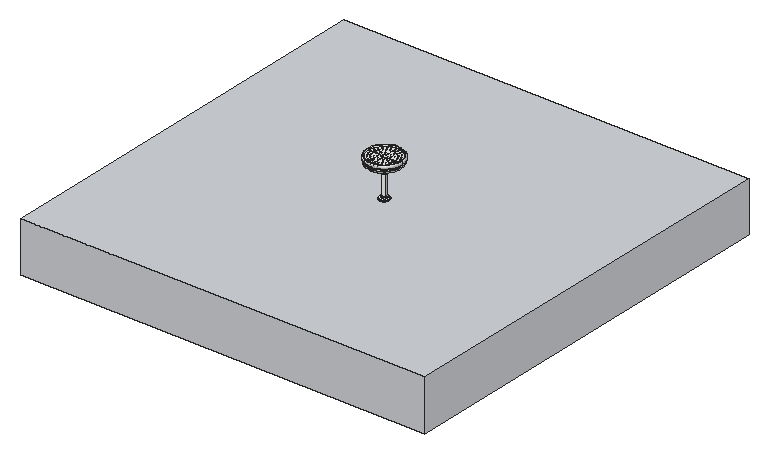
Revit family
Parameters (values of type "Metal-CP-Polished_Chrome")
  Width [instance] = 0' - 8 7/16"
  URL = "http://www.us.kohler.com"
  Showerhead Supply Pipe Radius = 0' 0 1/2"  # 1/2"
  Showerhead Supply Pipe Diameter = Showerhead Supply Pipe Radius * 2  # 1"
  Showerhead Supply = "Showerhead Supply"  # constant formula
  Product Page URL = "http://www.us.kohler.com/onlinecatalog/detail.jsp?prod_num=13692"
  Product Documentation Link = "http://www.us.kohler.com/onlinecatalog/pdf/1142015_4.pdf"
  Model = "K-13692"  # constant formula
  Manufacturer = "Kohler"  # constant formula
  Length [instance] = 0' - 9.21893"
  Height [instance] = 0' - 8 7/16"
  Finish = Metal-Kohler-CP-Polished Chrome
  Description = "8in Traditional round rainhead with Katalyst spray technology"  # constant formula
  Default Elevation = 0' - 0"
  Created By = "http://medialab3dstudio.com"
  Assembly Code = "C1030200"
Reference planes (in)
  plane 1 "Center (Front/Back)": y = 0
  plane 2 "Back": z = 0
  plane 3 "Center (Left/Right)": x = 0
  plane 4 "Left": x = -4.21875
  plane 5 "Right": x = 4.21875
  plane 6 "Top": y = 4.21875
  plane 7 "Bottom": y = -4.21875
  plane 8 "Front": z = 9.21893
Forms (in)
  Extrusion 1, solid
    sketch origin (0, 0, 0) x (1, 0, 0) y (0, 1, 0)
      loop
        line (-48, 48) -> (-48, -48) -> (48, -48) -> (48, 48) -> (-48, 48)
    from 0 to -12
  Extrusion 2, solid, material "Metal-Kohler-CP-Polished Chrome" <- "Finish", not visible
    sketch origin (0, 0, 0) x (1, 0, 0) y (0, 1, 0)
      loop
        circle (0, 0) r 0.5
    from 0 to 0.13239
Dimensions and locks (in)
  equal spacing: plane 4 "Left", plane 3 "Center (Left/Right)", plane 5 "Right", locked at 4.21875 each
  "Width": plane 4 "Left" to plane 5 "Right"
  equal spacing: plane 6 "Top", plane 1 "Center (Front/Back)", plane 7 "Bottom", locked at 4.21875 each
  "Height": plane 6 "Top" to plane 7 "Bottom"
  "Length": plane 8 "Front" to plane 2 "Back"
  "Showerhead Supply Pipe Radius": radius of Extrusion 2 sketch curve
  aligned and locked: plane 2 "Back" to Extrusion 1
  aligned and locked: level to Extrusion 1
Automatic sketch dimensions
  Extrusion 1 sketch curve to Extrusion 1 sketch curve = 8' - 0"  (x2)
  plane 1 "Center (Front/Back)" to Extrusion 2 sketch curve = 0' - 0"
  Extrusion 2 sketch curve to plane 3 "Center (Left/Right)" = 0' - 0"
Nested families (in)
  nested 1: "13692-Base" at (0, 0, 0), type "13692-Base"
Connectors (in)
  piping at (0, 0, 0), driven by "Showerhead Supply Pipe Radius", driven by "Showerhead Supply"
    settings: on Extrusion 2, index 1, connector radius 1/2", flow factor 0, pipe flow 2.5 GPM, pressure drop 0.00 psi, fitting loss kfactor 0, connector angle 0.00°, fixture units 0, flow configuration 0, flow direction 1, fitting loss method 0, system type 7, connector reference index -1, connector utility 0, adjustable connector yes, is connector primary yes, fitting loss table "", connector description "Showerhead Supply"
Definition of nested family "13692-Base"
  Parameters (values of type "13692-Base")
    Finish = Metal-Kohler-CP-Polished Chrome
    Assembly Code = ""
  Reference planes (in)
    plane 1 "Center (Front/Back)": y = 0
    plane 2 "Top": z = 0
    plane 3 "Center (Left/Right)": x = 0
    plane 4 "Back": y = 4.21875
    plane 5 "Bottom": z = 9.21893
    plane 6 "Front": y = -4.21875
    plane 7 "Left": x = -4.21875
    plane 8 "Right": x = 4.21875
  Forms (in)
    Revolve 1, solid, material "Metal-Kohler-CP-Polished Chrome" <- "Finish", detail levels fine
      sketch origin (0, 0, 0) x (1, 0, 0) y (0, 0, 1)
        loop
          line (0, 0) -> (0, 8.98595) -> (-3.85058, 8.98595) -> (-3.88473, 9.17853)
          arc (-3.88473, 9.17853) -> (-3.912, 9.20803) -> (-3.95066, 9.21893) r 0.074
          line (-3.95066, 9.21893) -> (-4.02892, 9.21893)
          arc (-4.02892, 9.21893) -> (-4.21528, 8.98286) -> (-4.10859, 8.70165) r 0.30508
          line (-4.10859, 8.70165) -> (-4.11067, 8.38226) -> (-4.13129, 8.35798) -> (-4.12321, 8.17266) -> (-4.08485, 8.15638) -> (-4.05154, 8.15638) -> (-4.0425, 8.02528)
          arc (-4.0425, 8.02528) -> (-3.97739, 7.83063) -> (-3.83066, 7.68711) r 0.43745
          line (-3.83066, 7.68711) -> (-1.16718, 6.99244) -> (-0.911, 6.84126) -> (-0.85695, 6.84126) -> (-0.85695, 6.71126) -> (-0.4342, 6.71126)
          arc (-0.4342, 6.71126) -> (-0.3884, 6.64798) -> (-0.33168, 6.59427) r 0.42051
          arc (-0.33168, 6.59427) -> (-0.31105, 6.53447) -> (-0.34737, 6.48267) r 0.06959
          arc (-0.34737, 6.48267) -> (-0.40752, 6.44788) -> (-0.45457, 6.39676) r 0.23054
          line (-0.45457, 6.39676) -> (-0.45457, 6.27111) -> (-0.47404, 5.66968) -> (-0.49391, 5.64514) -> (-0.49452, 5.5478) -> (-0.48212, 5.51857) -> (-0.40625, 5.51857) -> (-0.40625, 0.68857) -> (-0.55463, 0.68857)
          arc (-0.55463, 0.68857) -> (-0.59423, 0.66979) -> (-0.61033, 0.62902) r 0.05969
          line (-0.61033, 0.62902) -> (-0.61033, 0.37506)
          arc (-0.61033, 0.37506) -> (-0.62521, 0.3209) -> (-0.67086, 0.28818) r 0.08414
          line (-0.67086, 0.28818) -> (-1.09221, 0.16628)
          arc (-1.09221, 0.16628) -> (-1.11018, 0.15258) -> (-1.11901, 0.13178) r 0.04413
          line (-1.11901, 0.13178) -> (-1.11901, 0.03783)
          arc (-1.11901, 0.03783) -> (-1.10635, 0.01266) -> (-1.08117, 0) r 0.04486
          line (-1.08117, 0) -> (0, 0)
        axis (0, 9.21893) -> (0, 0)
      angle from 0 to 360
    Extrusion 2, void
      sketch origin (0, 0, 0) x (1, 0, 0) y (0, 1, 0)
        loop
          circle (0, 3.24803) r 0.07254
        loop
          circle (0, 2.59974) r 0.07254
        loop
          circle (0, 1.94831) r 0.07254
        loop
          circle (0, 1.29872) r 0.07254
        loop
          circle (0, 0.64765) r 0.07254
        loop
          circle (0, -3.24803) r 0.07254
        loop
          circle (0, -2.59974) r 0.07254
        loop
          circle (0, -1.94831) r 0.07254
        loop
          circle (0, -1.29872) r 0.07254
        loop
          circle (0, -0.64765) r 0.07254
        loop
          circle (3.24803, 0) r 0.07254
        loop
          circle (2.59974, 0) r 0.07254
        loop
          circle (1.94831, 0) r 0.07254
        loop
          circle (1.29872, 0) r 0.07254
        loop
          circle (-3.24803, 0) r 0.07254
        loop
          circle (-2.59974, 0) r 0.07254
        loop
          circle (-1.94831, 0) r 0.07254
        loop
          circle (-1.29872, 0) r 0.07254
        loop
          circle (2.29671, -2.29671) r 0.07254
        loop
          circle (1.83829, -1.83829) r 0.07254
        loop
          circle (-2.29671, 2.29671) r 0.07254
        loop
          circle (-1.83829, 1.83829) r 0.07254
        loop
          circle (2.29671, 2.29671) r 0.07254
        loop
          circle (1.83829, 1.83829) r 0.07254
        loop
          circle (-2.29671, -2.29671) r 0.07254
        loop
          circle (-1.83829, -1.83829) r 0.07254
        loop
          circle (-0.84104, 3.13726) r 0.07254
        loop
          circle (-0.67318, 2.51107) r 0.07254
        loop
          circle (0.84104, 3.13726) r 0.07254
        loop
          circle (0.67318, 2.51107) r 0.07254
        loop
          circle (0.84104, -3.13726) r 0.07254
        loop
          circle (0.67318, -2.51107) r 0.07254
        loop
          circle (-0.84104, -3.13726) r 0.07254
        loop
          circle (-0.67318, -2.51107) r 0.07254
        loop
          circle (-3.13732, 0.84082) r 0.07254
        loop
          circle (-2.51112, 0.67299) r 0.07254
        loop
          circle (3.13732, 0.84082) r 0.07254
        loop
          circle (2.51112, 0.67299) r 0.07254
        loop
          circle (3.13732, -0.84082) r 0.07254
        loop
          circle (2.51112, -0.67299) r 0.07254
        loop
          circle (-3.13732, -0.84082) r 0.07254
        loop
          circle (-2.51112, -0.67299) r 0.07254
        loop
          circle (2.81288, -1.62402) r 0.07254
        loop
          circle (2.25144, -1.29987) r 0.07254
        loop
          circle (1.68729, -0.97416) r 0.07254
        loop
          circle (1.12472, -0.64936) r 0.07254
        loop
          circle (0.56088, -0.32383) r 0.07254
        loop
          circle (-2.81288, -1.62402) r 0.07254
        loop
          circle (-2.25144, -1.29987) r 0.07254
        loop
          circle (-1.68729, -0.97416) r 0.07254
        loop
          circle (-1.12472, -0.64936) r 0.07254
        loop
          circle (-0.56088, -0.32383) r 0.07254
        loop
          circle (-2.81288, 1.62402) r 0.07254
        loop
          circle (-2.25144, 1.29987) r 0.07254
        loop
          circle (-1.68729, 0.97416) r 0.07254
        loop
          circle (-1.12472, 0.64936) r 0.07254
        loop
          circle (-0.56088, 0.32383) r 0.07254
        loop
          circle (2.81288, 1.62402) r 0.07254
        loop
          circle (2.25144, 1.29987) r 0.07254
        loop
          circle (1.68729, 0.97416) r 0.07254
        loop
          circle (1.12472, 0.64936) r 0.07254
        loop
          circle (0.56088, 0.32383) r 0.07254
        loop
          circle (-1.62513, 2.81224) r 0.07254
        loop
          circle (-1.30075, 2.25093) r 0.07254
        loop
          circle (-0.97482, 1.6869) r 0.07254
        loop
          circle (-0.6498, 1.12447) r 0.07254
        loop
          circle (1.62513, 2.81224) r 0.07254
        loop
          circle (1.30075, 2.25093) r 0.07254
        loop
          circle (0.97482, 1.6869) r 0.07254
        loop
          circle (0.6498, 1.12447) r 0.07254
        loop
          circle (1.62513, -2.81224) r 0.07254
        loop
          circle (1.30075, -2.25093) r 0.07254
        loop
          circle (0.97482, -1.6869) r 0.07254
        loop
          circle (0.6498, -1.12447) r 0.07254
        loop
          circle (-1.62513, -2.81224) r 0.07254
        loop
          circle (-1.30075, -2.25093) r 0.07254
        loop
          circle (-0.97482, -1.6869) r 0.07254
        loop
          circle (-0.6498, -1.12447) r 0.07254
      from 8.68352 to 9.20637
    Extrusion 3, void
      sketch origin (0, 0, 9.21893) x (-1, 0, 0) y (0, -1, 0)
        loop
          circle (0, 0) r 0.5
      from -9.21893 to -9.05265
    Extrusion 4, solid, material "Metal-Kohler-CP-Polished Chrome" <- "Finish", detail levels coarse+medium
      sketch origin (0, 0, 0) x (1, 0, 0) y (0, 1, 0)
        loop
          line (-4.21875, 4.21875) -> (-4.21875, -4.21875) -> (4.21875, -4.21875) -> (4.21875, 4.21875) -> (-4.21875, 4.21875)
      from 0 to 9.21893
  Cuts and joins
    Extrusion 2, Extrusion 3 cuts Revolve 1
  Lines and regions (in)
    Masking region 1, detail levels coarse
      outline origin (0, 0, 0) x (1, 0, 0) y (0, 1, 0)
        loop
          line (-4.21875, 4.21875) -> (-4.21875, -4.21875) -> (4.21875, -4.21875) -> (4.21875, 4.21875) -> (-4.21875, 4.21875)
    Masking region 2, detail levels medium+fine
      outline origin (0, 0, 0) x (1, 0, 0) y (0, 1, 0)
        loop
          circle (0, 0) r 4.21875
    Masking region 3, detail levels medium+fine
      outline origin (0, 0, 0) x (1, 0, 0) y (0, 0, 1)
        loop
          line (0, 0) -> (1.08117, 0)
          arc (1.08117, 0) -> (1.10793, 0.01108) -> (1.11901, 0.03783) r 0.03783
          line (1.11901, 0.03783) -> (1.11901, 0.13289)
          arc (1.11901, 0.13289) -> (1.11148, 0.15429) -> (1.09221, 0.16628) r 0.0342
          line (1.09221, 0.16628) -> (0.67096, 0.28819)
          arc (0.67096, 0.28819) -> (0.62528, 0.3209) -> (0.61033, 0.37506) r 0.08426
          line (0.61033, 0.37506) -> (0.61033, 0.62854)
          arc (0.61033, 0.62854) -> (0.59426, 0.66949) -> (0.55463, 0.68857) r 0.06019
          line (0.55463, 0.68857) -> (0.40625, 0.68857) -> (0.40625, 5.51857) -> (0.48212, 5.51857) -> (0.49452, 5.5478) -> (0.49391, 5.64514) -> (0.47404, 5.66968) -> (0.45457, 6.27111) -> (0.45457, 6.39676)
          arc (0.45457, 6.39676) -> (0.40711, 6.44738) -> (0.34737, 6.48267) r 0.24513
          arc (0.34737, 6.48267) -> (0.31106, 6.53447) -> (0.33168, 6.59427) r 0.0696
          arc (0.33168, 6.59427) -> (0.38863, 6.64778) -> (0.4342, 6.71126) r 0.40385
          line (0.4342, 6.71126) -> (0.85695, 6.71126) -> (0.85695, 6.84126) -> (0.911, 6.84126) -> (1.16718, 6.99244) -> (3.83066, 7.68711)
          arc (3.83066, 7.68711) -> (3.97697, 7.83089) -> (4.0425, 8.02528) r 0.44144
          line (4.0425, 8.02528) -> (4.05154, 8.15638) -> (4.08485, 8.15638) -> (4.12321, 8.17266) -> (4.13129, 8.35798) -> (4.11067, 8.38226) -> (4.10859, 8.70165)
          arc (4.10859, 8.70165) -> (4.21648, 8.98304) -> (4.02892, 9.21893) r 0.30382
          line (4.02892, 9.21893) -> (0, 9.21893) -> (-4.02892, 9.21893)
          arc (-4.02892, 9.21893) -> (-4.21648, 8.98304) -> (-4.10859, 8.70165) r 0.30382
          line (-4.10859, 8.70165) -> (-4.11067, 8.38226) -> (-4.13129, 8.35798) -> (-4.12321, 8.17266) -> (-4.08485, 8.15638) -> (-4.05154, 8.15638) -> (-4.0425, 8.02528)
          arc (-4.0425, 8.02528) -> (-3.97697, 7.83089) -> (-3.83066, 7.68711) r 0.44144
          line (-3.83066, 7.68711) -> (-1.16718, 6.99244) -> (-0.911, 6.84126) -> (-0.85695, 6.84126) -> (-0.85695, 6.71126) -> (-0.4342, 6.71126)
          arc (-0.4342, 6.71126) -> (-0.38863, 6.64778) -> (-0.33168, 6.59427) r 0.40385
          arc (-0.33168, 6.59427) -> (-0.31106, 6.53447) -> (-0.34737, 6.48267) r 0.0696
          arc (-0.34737, 6.48267) -> (-0.40711, 6.44738) -> (-0.45457, 6.39676) r 0.24513
          line (-0.45457, 6.39676) -> (-0.45457, 6.27111) -> (-0.47404, 5.66968) -> (-0.49391, 5.64514) -> (-0.49452, 5.5478) -> (-0.48212, 5.51857) -> (-0.40625, 5.51857) -> (-0.40625, 0.68857) -> (-0.55463, 0.68857)
          arc (-0.55463, 0.68857) -> (-0.59426, 0.66949) -> (-0.61033, 0.62854) r 0.06019
          line (-0.61033, 0.62854) -> (-0.61033, 0.37506)
          arc (-0.61033, 0.37506) -> (-0.62528, 0.3209) -> (-0.67096, 0.28819) r 0.08426
          line (-0.67096, 0.28819) -> (-1.09221, 0.16628)
          arc (-1.09221, 0.16628) -> (-1.11148, 0.15429) -> (-1.11901, 0.13289) r 0.0342
          line (-1.11901, 0.13289) -> (-1.11901, 0.03783)
          arc (-1.11901, 0.03783) -> (-1.10793, 0.01108) -> (-1.08117, 0) r 0.03783
          line (-1.08117, 0) -> (0, 0)
    Masking region 4, detail levels medium+fine
      outline origin (0, 0, 0) x (0, 1, 0) y (0, 0, 1)
        loop
          line (0, 0) -> (1.08131, 0)
          arc (1.08131, 0) -> (1.10781, 0.01097) -> (1.11878, 0.03747) r 0.03747
          line (1.11878, 0.03747) -> (1.11878, 0.13251)
          arc (1.11878, 0.13251) -> (1.11141, 0.15391) -> (1.09244, 0.16623) r 0.03475
          line (1.09244, 0.16623) -> (0.67064, 0.28817)
          arc (0.67064, 0.28817) -> (0.62505, 0.3209) -> (0.61033, 0.37506) r 0.08383
          line (0.61033, 0.37506) -> (0.61033, 0.6313)
          arc (0.61033, 0.6313) -> (0.59355, 0.6718) -> (0.55305, 0.68857) r 0.05728
          line (0.55305, 0.68857) -> (0.40615, 0.68857) -> (0.40615, 5.51857) -> (0.48212, 5.51857) -> (0.49452, 5.5478) -> (0.49452, 5.64514) -> (0.47404, 5.66968) -> (0.45299, 6.27231) -> (0.45299, 6.39594)
          arc (0.45299, 6.39594) -> (0.40644, 6.44723) -> (0.34784, 6.48417) r 0.25626
          arc (0.34784, 6.48417) -> (0.30975, 6.53609) -> (0.33415, 6.59569) r 0.06586
          arc (0.33415, 6.59569) -> (0.38755, 6.64839) -> (0.42848, 6.71126) r 0.34975
          line (0.42848, 6.71126) -> (0.85699, 6.71126) -> (0.85699, 6.84126) -> (0.911, 6.84126) -> (1.16712, 6.9924) -> (3.83069, 7.68707)
          arc (3.83069, 7.68707) -> (3.97761, 7.83075) -> (4.04234, 8.02578) r 0.43573
          line (4.04234, 8.02578) -> (4.05147, 8.15638) -> (4.0847, 8.15638) -> (4.12316, 8.1727) -> (4.13129, 8.35798) -> (4.11057, 8.38218) -> (4.10866, 8.70167)
          arc (4.10866, 8.70167) -> (4.21588, 8.98377) -> (4.02673, 9.21893) r 0.30353
          line (4.02673, 9.21893) -> (0, 9.21893) -> (-4.02673, 9.21893)
          arc (-4.02673, 9.21893) -> (-4.21588, 8.98377) -> (-4.10866, 8.70167) r 0.30353
          line (-4.10866, 8.70167) -> (-4.11057, 8.38218) -> (-4.13129, 8.35798) -> (-4.12316, 8.1727) -> (-4.0847, 8.15638) -> (-4.05147, 8.15638) -> (-4.04234, 8.02578)
          arc (-4.04234, 8.02578) -> (-3.97761, 7.83075) -> (-3.83069, 7.68707) r 0.43573
          line (-3.83069, 7.68707) -> (-1.16712, 6.9924) -> (-0.911, 6.84126) -> (-0.85699, 6.84126) -> (-0.85699, 6.71126) -> (-0.42848, 6.71126)
          arc (-0.42848, 6.71126) -> (-0.38755, 6.64839) -> (-0.33415, 6.59569) r 0.34975
          arc (-0.33415, 6.59569) -> (-0.30975, 6.53609) -> (-0.34784, 6.48417) r 0.06586
          arc (-0.34784, 6.48417) -> (-0.40644, 6.44723) -> (-0.45299, 6.39594) r 0.25626
          line (-0.45299, 6.39594) -> (-0.45299, 6.27231) -> (-0.47404, 5.66968) -> (-0.49452, 5.64514) -> (-0.49452, 5.5478) -> (-0.48212, 5.51857) -> (-0.40615, 5.51857) -> (-0.40615, 0.68857) -> (-0.55305, 0.68857)
          arc (-0.55305, 0.68857) -> (-0.59355, 0.6718) -> (-0.61033, 0.6313) r 0.05728
          line (-0.61033, 0.6313) -> (-0.61033, 0.37506)
          arc (-0.61033, 0.37506) -> (-0.62505, 0.3209) -> (-0.67064, 0.28817) r 0.08383
          line (-0.67064, 0.28817) -> (-1.09244, 0.16623)
          arc (-1.09244, 0.16623) -> (-1.11141, 0.15391) -> (-1.11878, 0.13251) r 0.03475
          line (-1.11878, 0.13251) -> (-1.11878, 0.03747)
          arc (-1.11878, 0.03747) -> (-1.10781, 0.01097) -> (-1.08131, 0) r 0.03747
          line (-1.08131, 0) -> (0, 0)
    Masking region 5, detail levels coarse
      outline origin (0, 0, 0) x (1, 0, 0) y (0, 0, 1)
        loop
          line (-4.21875, 9.21893) -> (-4.21875, 0) -> (4.21875, 0) -> (4.21875, 9.21893) -> (-4.21875, 9.21893)
    Masking region 6, detail levels coarse
      outline origin (0, 0, 0) x (0, 1, 0) y (0, 0, 1)
        loop
          line (4.21875, 9.21893) -> (-4.21875, 9.21893) -> (-4.21875, 0) -> (4.21875, 0) -> (4.21875, 9.21893)
    symbolic lines, style "Masking Lines", detail levels fine
      curve 1: arc (0.07255, 3.24803, 9.21893) -> (0, 3.17549, 9.21893) -> (-0.07254, 3.24803, 9.21893) r 0.07254
      curve 2: arc (-0.07254, 3.24803, 9.21893) -> (0, 3.32058, 9.21893) -> (0.07255, 3.24803, 9.21893) r 0.07254
      curve 3: arc (0.07255, 2.59974, 9.21893) -> (0, 2.52719, 9.21893) -> (-0.07254, 2.59974, 9.21893) r 0.07254
      curve 4: arc (-0.07254, 2.59974, 9.21893) -> (0, 2.67228, 9.21893) -> (0.07255, 2.59974, 9.21893) r 0.07254
      curve 5: arc (0.07255, 1.94831, 9.21893) -> (0, 1.87577, 9.21893) -> (-0.07254, 1.94831, 9.21893) r 0.07254
      curve 6: arc (-0.07254, 1.94831, 9.21893) -> (0, 2.02085, 9.21893) -> (0.07255, 1.94831, 9.21893) r 0.07254
      curve 7: arc (0.07255, 1.29872, 9.21893) -> (0, 1.22618, 9.21893) -> (-0.07254, 1.29872, 9.21893) r 0.07254
      curve 8: arc (-0.07254, 1.29872, 9.21893) -> (0, 1.37126, 9.21893) -> (0.07255, 1.29872, 9.21893) r 0.07254
      curve 9: arc (-0.07254, 0.64765, 9.21893) -> (0, 0.7202, 9.21893) -> (0.07255, 0.64765, 9.21893) r 0.07254
      curve 10: arc (0.07255, 0.64765, 9.21893) -> (0, 0.57511, 9.21893) -> (-0.07254, 0.64765, 9.21893) r 0.07254
      curve 11: arc (0.74572, 2.51107, 9.21893) -> (0.67318, 2.43853, 9.21893) -> (0.60063, 2.51107, 9.21893) r 0.07254
      curve 12: arc (0.60063, 2.51107, 9.21893) -> (0.67318, 2.58361, 9.21893) -> (0.74572, 2.51107, 9.21893) r 0.07254
      curve 13: arc (0.91359, 3.13726, 9.21893) -> (0.84104, 3.06471, 9.21893) -> (0.7685, 3.13726, 9.21893) r 0.07254
      curve 14: arc (0.7685, 3.13726, 9.21893) -> (0.84104, 3.2098, 9.21893) -> (0.91359, 3.13726, 9.21893) r 0.07254
      curve 15: arc (1.69767, 2.81224, 9.21893) -> (1.62513, 2.7397, 9.21893) -> (1.55258, 2.81224, 9.21893) r 0.07254
      curve 16: arc (1.55258, 2.81224, 9.21893) -> (1.62513, 2.88478, 9.21893) -> (1.69767, 2.81224, 9.21893) r 0.07254
      curve 17: arc (1.3733, 2.25093, 9.21893) -> (1.30075, 2.17838, 9.21893) -> (1.22821, 2.25093, 9.21893) r 0.07254
      curve 18: arc (1.22821, 2.25093, 9.21893) -> (1.30075, 2.32347, 9.21893) -> (1.3733, 2.25093, 9.21893) r 0.07254
      curve 19: arc (1.04736, 1.6869, 9.21893) -> (0.97482, 1.61436, 9.21893) -> (0.90228, 1.6869, 9.21893) r 0.07254
      curve 20: arc (0.90228, 1.6869, 9.21893) -> (0.97482, 1.75945, 9.21893) -> (1.04736, 1.6869, 9.21893) r 0.07254
      curve 21: arc (0.72234, 1.12447, 9.21893) -> (0.6498, 1.05193, 9.21893) -> (0.57726, 1.12447, 9.21893) r 0.07254
      curve 22: arc (0.57726, 1.12447, 9.21893) -> (0.6498, 1.19701, 9.21893) -> (0.72234, 1.12447, 9.21893) r 0.07254
      curve 23: arc (1.91083, 1.83829, 9.21893) -> (1.83829, 1.76575, 9.21893) -> (1.76575, 1.83829, 9.21893) r 0.07254
      curve 24: arc (1.76575, 1.83829, 9.21893) -> (1.83829, 1.91083, 9.21893) -> (1.91083, 1.83829, 9.21893) r 0.07254
      curve 25: arc (2.36925, 2.29671, 9.21893) -> (2.29671, 2.22417, 9.21893) -> (2.22417, 2.29671, 9.21893) r 0.07254
      curve 26: arc (2.22417, 2.29671, 9.21893) -> (2.29671, 2.36925, 9.21893) -> (2.36925, 2.29671, 9.21893) r 0.07254
      curve 27: arc (0.63342, 0.32383, 9.21893) -> (0.56088, 0.25129, 9.21893) -> (0.48834, 0.32383, 9.21893) r 0.07254
      curve 28: arc (0.48834, 0.32383, 9.21893) -> (0.56088, 0.39637, 9.21893) -> (0.63342, 0.32383, 9.21893) r 0.07254
      curve 29: arc (1.19726, 0.64936, 9.21893) -> (1.12472, 0.57682, 9.21893) -> (1.05218, 0.64936, 9.21893) r 0.07254
      curve 30: arc (1.05218, 0.64936, 9.21893) -> (1.12472, 0.7219, 9.21893) -> (1.19726, 0.64936, 9.21893) r 0.07254
      curve 31: arc (1.75983, 0.97416, 9.21893) -> (1.68729, 0.90162, 9.21893) -> (1.61474, 0.97416, 9.21893) r 0.07254
      curve 32: arc (1.61474, 0.97416, 9.21893) -> (1.68729, 1.0467, 9.21893) -> (1.75983, 0.97416, 9.21893) r 0.07254
      curve 33: arc (2.32398, 1.29987, 9.21893) -> (2.25144, 1.22733, 9.21893) -> (2.1789, 1.29987, 9.21893) r 0.07254
      curve 34: arc (2.1789, 1.29987, 9.21893) -> (2.25144, 1.37241, 9.21893) -> (2.32398, 1.29987, 9.21893) r 0.07254
      curve 35: arc (2.88542, 1.62402, 9.21893) -> (2.81288, 1.55148, 9.21893) -> (2.74034, 1.62402, 9.21893) r 0.07254
      curve 36: arc (2.74034, 1.62402, 9.21893) -> (2.81288, 1.69656, 9.21893) -> (2.88542, 1.62402, 9.21893) r 0.07254
      curve 37: arc (2.58366, 0.67299, 9.21893) -> (2.51112, 0.60045, 9.21893) -> (2.43858, 0.67299, 9.21893) r 0.07254
      curve 38: arc (2.43858, 0.67299, 9.21893) -> (2.51112, 0.74553, 9.21893) -> (2.58366, 0.67299, 9.21893) r 0.07254
      curve 39: arc (3.20986, 0.84082, 9.21893) -> (3.13732, 0.76827, 9.21893) -> (3.06477, 0.84082, 9.21893) r 0.07254
      curve 40: arc (3.06477, 0.84082, 9.21893) -> (3.13732, 0.91336, 9.21893) -> (3.20986, 0.84082, 9.21893) r 0.07254
      curve 41: arc (3.32058, 0, 9.21893) -> (3.24803, 0.07254, 9.21893) -> (3.17549, 0, 9.21893) r 0.07254
      curve 42: arc (3.17549, 0, 9.21893) -> (3.24803, -0.07254, 9.21893) -> (3.32058, 0, 9.21893) r 0.07254
      curve 43: arc (2.52719, 0, 9.21893) -> (2.59974, -0.07254, 9.21893) -> (2.67228, 0, 9.21893) r 0.07254
      curve 44: arc (2.67228, 0, 9.21893) -> (2.59974, 0.07254, 9.21893) -> (2.52719, 0, 9.21893) r 0.07254
      curve 45: arc (2.02085, 0, 9.21893) -> (1.94831, 0.07254, 9.21893) -> (1.87577, 0, 9.21893) r 0.07254
      curve 46: arc (1.87577, 0, 9.21893) -> (1.94831, -0.07254, 9.21893) -> (2.02085, 0, 9.21893) r 0.07254
      curve 47: arc (1.22618, 0, 9.21893) -> (1.29872, -0.07255, 9.21893) -> (1.37126, 0, 9.21893) r 0.07254
      curve 48: arc (1.37126, 0, 9.21893) -> (1.29872, 0.07254, 9.21893) -> (1.22618, 0, 9.21893) r 0.07254
      curve 49: arc (0.63342, -0.32383, 9.21893) -> (0.56088, -0.25129, 9.21893) -> (0.48834, -0.32383, 9.21893) r 0.07254
      curve 50: arc (0.48834, -0.32383, 9.21893) -> (0.56088, -0.39637, 9.21893) -> (0.63342, -0.32383, 9.21893) r 0.07254
      curve 51: arc (1.05218, -0.64936, 9.21893) -> (1.12472, -0.7219, 9.21893) -> (1.19726, -0.64936, 9.21893) r 0.07254
      curve 52: arc (1.19726, -0.64936, 9.21893) -> (1.12472, -0.57682, 9.21893) -> (1.05218, -0.64936, 9.21893) r 0.07254
      curve 53: arc (1.75983, -0.97416, 9.21893) -> (1.68729, -0.90162, 9.21893) -> (1.61474, -0.97416, 9.21893) r 0.07254
      curve 54: arc (1.61474, -0.97416, 9.21893) -> (1.68729, -1.0467, 9.21893) -> (1.75983, -0.97416, 9.21893) r 0.07254
      curve 55: arc (2.1789, -1.29987, 9.21893) -> (2.25144, -1.37241, 9.21893) -> (2.32398, -1.29987, 9.21893) r 0.07254
      curve 56: arc (2.32398, -1.29987, 9.21893) -> (2.25144, -1.22733, 9.21893) -> (2.1789, -1.29987, 9.21893) r 0.07254
      curve 57: arc (2.88542, -1.62402, 9.21893) -> (2.81288, -1.55148, 9.21893) -> (2.74034, -1.62402, 9.21893) r 0.07254
      curve 58: arc (2.74034, -1.62402, 9.21893) -> (2.81288, -1.69656, 9.21893) -> (2.88542, -1.62402, 9.21893) r 0.07254
      curve 59: arc (2.43858, -0.67299, 9.21893) -> (2.51112, -0.74553, 9.21893) -> (2.58366, -0.67299, 9.21893) r 0.07254
      curve 60: arc (2.58366, -0.67299, 9.21893) -> (2.51112, -0.60045, 9.21893) -> (2.43858, -0.67299, 9.21893) r 0.07254
      curve 61: arc (3.20986, -0.84082, 9.21893) -> (3.13732, -0.76827, 9.21893) -> (3.06477, -0.84082, 9.21893) r 0.07254
      curve 62: arc (3.06477, -0.84082, 9.21893) -> (3.13732, -0.91336, 9.21893) -> (3.20986, -0.84082, 9.21893) r 0.07254
      curve 63: arc (2.36925, -2.29671, 9.21893) -> (2.29671, -2.22417, 9.21893) -> (2.22417, -2.29671, 9.21893) r 0.07254
      curve 64: arc (2.22417, -2.29671, 9.21893) -> (2.29671, -2.36925, 9.21893) -> (2.36925, -2.29671, 9.21893) r 0.07254
      curve 65: arc (1.91083, -1.83829, 9.21893) -> (1.83829, -1.76575, 9.21893) -> (1.76575, -1.83829, 9.21893) r 0.07254
      curve 66: arc (1.76575, -1.83829, 9.21893) -> (1.83829, -1.91083, 9.21893) -> (1.91083, -1.83829, 9.21893) r 0.07254
      curve 67: arc (1.55258, -2.81224, 9.21893) -> (1.62513, -2.88478, 9.21893) -> (1.69767, -2.81224, 9.21893) r 0.07254
      curve 68: arc (1.69767, -2.81224, 9.21893) -> (1.62513, -2.7397, 9.21893) -> (1.55258, -2.81224, 9.21893) r 0.07254
      curve 69: arc (1.22821, -2.25093, 9.21893) -> (1.30075, -2.32347, 9.21893) -> (1.3733, -2.25093, 9.21893) r 0.07254
      curve 70: arc (1.3733, -2.25093, 9.21893) -> (1.30075, -2.17838, 9.21893) -> (1.22821, -2.25093, 9.21893) r 0.07254
      curve 71: arc (0.90228, -1.6869, 9.21893) -> (0.97482, -1.75945, 9.21893) -> (1.04736, -1.6869, 9.21893) r 0.07254
      curve 72: arc (1.04736, -1.6869, 9.21893) -> (0.97482, -1.61436, 9.21893) -> (0.90228, -1.6869, 9.21893) r 0.07254
      curve 73: arc (0.57726, -1.12447, 9.21893) -> (0.6498, -1.19701, 9.21893) -> (0.72234, -1.12447, 9.21893) r 0.07254
      curve 74: arc (0.72234, -1.12447, 9.21893) -> (0.6498, -1.05193, 9.21893) -> (0.57726, -1.12447, 9.21893) r 0.07254
      curve 75: arc (-0.07254, -0.64765, 9.21893) -> (0, -0.7202, 9.21893) -> (0.07255, -0.64765, 9.21893) r 0.07254
      curve 76: arc (0.07255, -0.64765, 9.21893) -> (0, -0.57511, 9.21893) -> (-0.07254, -0.64765, 9.21893) r 0.07254
      curve 77: arc (-0.07254, -1.29872, 9.21893) -> (0, -1.37126, 9.21893) -> (0.07255, -1.29872, 9.21893) r 0.07254
      curve 78: arc (0.07255, -1.29872, 9.21893) -> (0, -1.22618, 9.21893) -> (-0.07254, -1.29872, 9.21893) r 0.07254
      curve 79: arc (-0.07254, -1.94831, 9.21893) -> (0, -2.02085, 9.21893) -> (0.07255, -1.94831, 9.21893) r 0.07254
      curve 80: arc (0.07255, -1.94831, 9.21893) -> (0, -1.87577, 9.21893) -> (-0.07254, -1.94831, 9.21893) r 0.07254
      curve 81: arc (-0.07254, -2.59974, 9.21893) -> (0, -2.67228, 9.21893) -> (0.07255, -2.59974, 9.21893) r 0.07254
      curve 82: arc (0.07255, -2.59974, 9.21893) -> (0, -2.52719, 9.21893) -> (-0.07254, -2.59974, 9.21893) r 0.07254
      curve 83: arc (-0.07254, -3.24803, 9.21893) -> (0, -3.32058, 9.21893) -> (0.07255, -3.24803, 9.21893) r 0.07254
      curve 84: arc (0.07255, -3.24803, 9.21893) -> (0, -3.17549, 9.21893) -> (-0.07254, -3.24803, 9.21893) r 0.07254
      curve 85: arc (0.7685, -3.13726, 9.21893) -> (0.84104, -3.2098, 9.21893) -> (0.91359, -3.13726, 9.21893) r 0.07254
      curve 86: arc (0.91359, -3.13726, 9.21893) -> (0.84104, -3.06471, 9.21893) -> (0.7685, -3.13726, 9.21893) r 0.07254
      curve 87: arc (0.60063, -2.51107, 9.21893) -> (0.67318, -2.58361, 9.21893) -> (0.74572, -2.51107, 9.21893) r 0.07254
      curve 88: arc (0.74572, -2.51107, 9.21893) -> (0.67318, -2.43853, 9.21893) -> (0.60063, -2.51107, 9.21893) r 0.07254
      curve 89: arc (-0.60063, -2.51107, 9.21893) -> (-0.67318, -2.43853, 9.21893) -> (-0.74572, -2.51107, 9.21893) r 0.07254
      curve 90: arc (-0.74572, -2.51107, 9.21893) -> (-0.67318, -2.58361, 9.21893) -> (-0.60063, -2.51107, 9.21893) r 0.07254
      curve 91: arc (-0.7685, -3.13726, 9.21893) -> (-0.84104, -3.06471, 9.21893) -> (-0.91359, -3.13726, 9.21893) r 0.07254
      curve 92: arc (-0.91359, -3.13726, 9.21893) -> (-0.84104, -3.2098, 9.21893) -> (-0.7685, -3.13726, 9.21893) r 0.07254
      curve 93: arc (-1.69767, -2.81224, 9.21893) -> (-1.62513, -2.88478, 9.21893) -> (-1.55258, -2.81224, 9.21893) r 0.07254
      curve 94: arc (-1.55258, -2.81224, 9.21893) -> (-1.62513, -2.7397, 9.21893) -> (-1.69767, -2.81224, 9.21893) r 0.07254
      curve 95: arc (-1.3733, -2.25093, 9.21893) -> (-1.30075, -2.32347, 9.21893) -> (-1.22821, -2.25093, 9.21893) r 0.07254
      curve 96: arc (-1.22821, -2.25093, 9.21893) -> (-1.30075, -2.17838, 9.21893) -> (-1.3733, -2.25093, 9.21893) r 0.07254
      curve 97: arc (-1.04736, -1.6869, 9.21893) -> (-0.97482, -1.75945, 9.21893) -> (-0.90228, -1.6869, 9.21893) r 0.07254
      curve 98: arc (-0.90228, -1.6869, 9.21893) -> (-0.97482, -1.61436, 9.21893) -> (-1.04736, -1.6869, 9.21893) r 0.07254
      curve 99: arc (-0.72234, -1.12447, 9.21893) -> (-0.6498, -1.19701, 9.21893) -> (-0.57726, -1.12447, 9.21893) r 0.07254
      curve 100: arc (-0.57726, -1.12447, 9.21893) -> (-0.6498, -1.05193, 9.21893) -> (-0.72234, -1.12447, 9.21893) r 0.07254
      curve 101: arc (-1.91083, -1.83829, 9.21893) -> (-1.83829, -1.91083, 9.21893) -> (-1.76575, -1.83829, 9.21893) r 0.07254
      curve 102: arc (-1.76575, -1.83829, 9.21893) -> (-1.83829, -1.76575, 9.21893) -> (-1.91083, -1.83829, 9.21893) r 0.07254
      curve 103: arc (-2.36925, -2.29671, 9.21893) -> (-2.29671, -2.36925, 9.21893) -> (-2.22417, -2.29671, 9.21893) r 0.07254
      curve 104: arc (-2.22417, -2.29671, 9.21893) -> (-2.29671, -2.22417, 9.21893) -> (-2.36925, -2.29671, 9.21893) r 0.07254
      curve 105: arc (-2.88542, -1.62402, 9.21893) -> (-2.81288, -1.69656, 9.21893) -> (-2.74034, -1.62402, 9.21893) r 0.07254
      curve 106: arc (-2.74034, -1.62402, 9.21893) -> (-2.81288, -1.55148, 9.21893) -> (-2.88542, -1.62402, 9.21893) r 0.07254
      curve 107: arc (-2.32398, -1.29987, 9.21893) -> (-2.25144, -1.37241, 9.21893) -> (-2.1789, -1.29987, 9.21893) r 0.07254
      curve 108: arc (-2.1789, -1.29987, 9.21893) -> (-2.25144, -1.22733, 9.21893) -> (-2.32398, -1.29987, 9.21893) r 0.07254
      curve 109: arc (-1.75983, -0.97416, 9.21893) -> (-1.68729, -1.0467, 9.21893) -> (-1.61474, -0.97416, 9.21893) r 0.07254
      curve 110: arc (-1.61474, -0.97416, 9.21893) -> (-1.68729, -0.90162, 9.21893) -> (-1.75983, -0.97416, 9.21893) r 0.07254
      curve 111: arc (-1.19726, -0.64936, 9.21893) -> (-1.12472, -0.7219, 9.21893) -> (-1.05218, -0.64936, 9.21893) r 0.07254
      curve 112: arc (-1.05218, -0.64936, 9.21893) -> (-1.12472, -0.57682, 9.21893) -> (-1.19726, -0.64936, 9.21893) r 0.07254
      curve 113: arc (-0.63342, -0.32383, 9.21893) -> (-0.56088, -0.39637, 9.21893) -> (-0.48834, -0.32383, 9.21893) r 0.07254
      curve 114: arc (-0.48834, -0.32383, 9.21893) -> (-0.56088, -0.25129, 9.21893) -> (-0.63342, -0.32383, 9.21893) r 0.07254
      curve 115: arc (-2.58366, -0.67299, 9.21893) -> (-2.51112, -0.74553, 9.21893) -> (-2.43858, -0.67299, 9.21893) r 0.07254
      curve 116: arc (-2.43858, -0.67299, 9.21893) -> (-2.51112, -0.60045, 9.21893) -> (-2.58366, -0.67299, 9.21893) r 0.07254
      curve 117: arc (-3.20986, -0.84082, 9.21893) -> (-3.13732, -0.91336, 9.21893) -> (-3.06477, -0.84082, 9.21893) r 0.07254
      curve 118: arc (-3.06477, -0.84082, 9.21893) -> (-3.13732, -0.76827, 9.21893) -> (-3.20986, -0.84082, 9.21893) r 0.07254
      curve 119: arc (-3.32058, 0, 9.21893) -> (-3.24803, -0.07254, 9.21893) -> (-3.17549, 0, 9.21893) r 0.07254
      curve 120: arc (-3.17549, 0, 9.21893) -> (-3.24803, 0.07254, 9.21893) -> (-3.32058, 0, 9.21893) r 0.07254
      curve 121: arc (-2.67228, 0, 9.21893) -> (-2.59974, -0.07254, 9.21893) -> (-2.52719, 0, 9.21893) r 0.07254
      curve 122: arc (-2.52719, 0, 9.21893) -> (-2.59974, 0.07254, 9.21893) -> (-2.67228, 0, 9.21893) r 0.07254
      curve 123: arc (-2.02085, 0, 9.21893) -> (-1.94831, -0.07254, 9.21893) -> (-1.87577, 0, 9.21893) r 0.07254
      curve 124: arc (-1.87577, 0, 9.21893) -> (-1.94831, 0.07254, 9.21893) -> (-2.02085, 0, 9.21893) r 0.07254
      curve 125: arc (-1.37126, 0, 9.21893) -> (-1.29872, -0.07255, 9.21893) -> (-1.22618, 0, 9.21893) r 0.07254
      curve 126: arc (-1.22618, 0, 9.21893) -> (-1.29872, 0.07254, 9.21893) -> (-1.37126, 0, 9.21893) r 0.07254
      curve 127: arc (-2.58366, 0.67299, 9.21893) -> (-2.51112, 0.60045, 9.21893) -> (-2.43858, 0.67299, 9.21893) r 0.07254
      curve 128: arc (-2.43858, 0.67299, 9.21893) -> (-2.51112, 0.74553, 9.21893) -> (-2.58366, 0.67299, 9.21893) r 0.07254
      curve 129: arc (-3.20986, 0.84082, 9.21893) -> (-3.13732, 0.76827, 9.21893) -> (-3.06477, 0.84082, 9.21893) r 0.07254
      curve 130: arc (-3.06477, 0.84082, 9.21893) -> (-3.13732, 0.91336, 9.21893) -> (-3.20986, 0.84082, 9.21893) r 0.07254
      curve 131: arc (-0.63342, 0.32383, 9.21893) -> (-0.56088, 0.25129, 9.21893) -> (-0.48834, 0.32383, 9.21893) r 0.07254
      curve 132: arc (-0.48834, 0.32383, 9.21893) -> (-0.56088, 0.39637, 9.21893) -> (-0.63342, 0.32383, 9.21893) r 0.07254
      curve 133: arc (-1.19726, 0.64936, 9.21893) -> (-1.12472, 0.57682, 9.21893) -> (-1.05218, 0.64936, 9.21893) r 0.07254
      curve 134: arc (-1.05218, 0.64936, 9.21893) -> (-1.12472, 0.7219, 9.21893) -> (-1.19726, 0.64936, 9.21893) r 0.07254
      curve 135: arc (-1.75983, 0.97416, 9.21893) -> (-1.68729, 0.90162, 9.21893) -> (-1.61474, 0.97416, 9.21893) r 0.07254
      curve 136: arc (-1.61474, 0.97416, 9.21893) -> (-1.68729, 1.0467, 9.21893) -> (-1.75983, 0.97416, 9.21893) r 0.07254
      curve 137: arc (-2.32398, 1.29987, 9.21893) -> (-2.25144, 1.22733, 9.21893) -> (-2.1789, 1.29987, 9.21893) r 0.07254
      curve 138: arc (-2.1789, 1.29987, 9.21893) -> (-2.25144, 1.37241, 9.21893) -> (-2.32398, 1.29987, 9.21893) r 0.07254
      curve 139: arc (-2.88542, 1.62402, 9.21893) -> (-2.81288, 1.55148, 9.21893) -> (-2.74034, 1.62402, 9.21893) r 0.07254
      curve 140: arc (-2.74034, 1.62402, 9.21893) -> (-2.81288, 1.69656, 9.21893) -> (-2.88542, 1.62402, 9.21893) r 0.07254
      curve 141: arc (-1.91083, 1.83829, 9.21893) -> (-1.83829, 1.76575, 9.21893) -> (-1.76575, 1.83829, 9.21893) r 0.07254
      curve 142: arc (-1.76575, 1.83829, 9.21893) -> (-1.83829, 1.91083, 9.21893) -> (-1.91083, 1.83829, 9.21893) r 0.07254
      curve 143: arc (-2.36925, 2.29671, 9.21893) -> (-2.29671, 2.22417, 9.21893) -> (-2.22417, 2.29671, 9.21893) r 0.07254
      curve 144: arc (-2.22417, 2.29671, 9.21893) -> (-2.29671, 2.36925, 9.21893) -> (-2.36925, 2.29671, 9.21893) r 0.07254
      curve 145: arc (-1.69767, 2.81224, 9.21893) -> (-1.62513, 2.7397, 9.21893) -> (-1.55258, 2.81224, 9.21893) r 0.07254
      curve 146: arc (-1.55258, 2.81224, 9.21893) -> (-1.62513, 2.88478, 9.21893) -> (-1.69767, 2.81224, 9.21893) r 0.07254
      curve 147: arc (-1.22821, 2.25093, 9.21893) -> (-1.30075, 2.32347, 9.21893) -> (-1.3733, 2.25093, 9.21893) r 0.07254
      curve 148: arc (-1.3733, 2.25093, 9.21893) -> (-1.30075, 2.17838, 9.21893) -> (-1.22821, 2.25093, 9.21893) r 0.07254
      curve 149: arc (-0.90228, 1.6869, 9.21893) -> (-0.97482, 1.75945, 9.21893) -> (-1.04736, 1.6869, 9.21893) r 0.07254
      curve 150: arc (-1.04736, 1.6869, 9.21893) -> (-0.97482, 1.61436, 9.21893) -> (-0.90228, 1.6869, 9.21893) r 0.07254
      curve 151: arc (-0.57726, 1.12447, 9.21893) -> (-0.6498, 1.19701, 9.21893) -> (-0.72234, 1.12447, 9.21893) r 0.07254
      curve 152: arc (-0.72234, 1.12447, 9.21893) -> (-0.6498, 1.05193, 9.21893) -> (-0.57726, 1.12447, 9.21893) r 0.07254
      curve 153: arc (-0.74572, 2.51107, 9.21893) -> (-0.67318, 2.43853, 9.21893) -> (-0.60063, 2.51107, 9.21893) r 0.07254
      curve 154: arc (-0.60063, 2.51107, 9.21893) -> (-0.67318, 2.58361, 9.21893) -> (-0.74572, 2.51107, 9.21893) r 0.07254
      curve 155: arc (-0.91359, 3.13726, 9.21893) -> (-0.84104, 3.06471, 9.21893) -> (-0.7685, 3.13726, 9.21893) r 0.07254
      curve 156: arc (-0.7685, 3.13726, 9.21893) -> (-0.84104, 3.2098, 9.21893) -> (-0.91359, 3.13726, 9.21893) r 0.07254
      curve 157: arc (-3.85058, 0, 9.21893) -> (0, -3.85058, 9.21893) -> (3.85058, 0, 9.21893) r 3.85058
      curve 158: arc (3.85058, 0, 9.21893) -> (0, 3.85058, 9.21893) -> (-3.85058, 0, 9.21893) r 3.85058
      curve 159: arc (3.88473, 0, 9.21893) -> (0, 3.88473, 9.21893) -> (-3.88473, 0, 9.21893) r 3.88473
      curve 160: arc (-3.88473, 0, 9.21893) -> (0, -3.88473, 9.21893) -> (3.88473, 0, 9.21893) r 3.88473
      curve 161: arc (4.02892, 0, 9.21893) -> (0, -4.02892, 9.21893) -> (-4.02892, 0, 9.21893) r 4.02892
      curve 162: arc (-4.02892, 0, 9.21893) -> (0, 4.02892, 9.21893) -> (4.02892, 0, 9.21893) r 4.02892
      curve 163: line (-1.11901, 0, 0.03783) -> (1.11901, 0, 0.03783)
      curve 164: line (1.09221, 0, 0.16628) -> (-1.09221, 0, 0.16628)
      curve 165: line (-0.61033, 0, 0.37506) -> (0.61033, 0, 0.37506)
      curve 166: line (-0.40625, 0, 0.68857) -> (0.40625, 0, 0.68857)
      curve 167: line (-0.40625, 0, 5.51857) -> (0.40625, 0, 5.51857)
      curve 168: line (-0.49452, 0, 5.5478) -> (0.49452, 0, 5.5478)
      curve 169: line (0.49391, 0, 5.64514) -> (-0.49391, 0, 5.64514)
      curve 170: line (0.47404, 0, 5.66968) -> (-0.47404, 0, 5.66968)
      curve 171: line (0.45457, 0, 6.27111) -> (-0.45457, 0, 6.27111)
      curve 172: line (0.45457, 0, 6.39676) -> (-0.45457, 0, 6.39676)
      curve 173: line (0.34737, 0, 6.48267) -> (-0.34737, 0, 6.48267)
      curve 174: line (0.33168, 0, 6.59427) -> (-0.33168, 0, 6.59427)
      curve 175: line (-0.85695, 0, 6.71126) -> (0.85695, 0, 6.71126)
      curve 176: line (-0.911, 0, 6.84126) -> (0.911, 0, 6.84126)
      curve 177: line (1.16718, 0, 6.99244) -> (-1.16718, 0, 6.99244)
      curve 178: line (3.83066, 0, 7.68711) -> (-3.83066, 0, 7.68711)
      curve 179: line (4.0425, 0, 8.02528) -> (-4.0425, 0, 8.02528)
      curve 180: line (-4.08485, 0, 8.15638) -> (4.08485, 0, 8.15638)
      curve 181: line (4.12321, 0, 8.17266) -> (-4.12321, 0, 8.17266)
      curve 182: line (4.13129, 0, 8.35798) -> (-4.13129, 0, 8.35798)
      curve 183: line (4.11067, 0, 8.38226) -> (-4.11067, 0, 8.38226)
      curve 184: line (4.10859, 0, 8.70165) -> (-4.10859, 0, 8.70165)
      curve 185: line (0, 1.11878, 0.03747) -> (0, -1.11878, 0.03747)
      curve 186: line (0, -1.11878, 0.13251) -> (0, 1.11878, 0.13251)
      curve 187: line (0, 1.09244, 0.16623) -> (0, -1.09244, 0.16623)
      curve 188: line (0, -0.61033, 0.37506) -> (0, 0.61033, 0.37506)
      curve 189: line (0, 0.40615, 0.68857) -> (0, -0.40615, 0.68857)
      curve 190: line (0, 0.40615, 5.51857) -> (0, -0.40615, 5.51857)
      curve 191: line (0, -0.49452, 5.5478) -> (0, 0.49452, 5.5478)
      curve 192: line (0, 0.49452, 5.64514) -> (0, -0.49452, 5.64514)
      curve 193: line (0, -0.47404, 5.66968) -> (0, 0.47404, 5.66968)
      curve 194: line (0, 0.45299, 6.39594) -> (0, -0.45299, 6.39594)
      curve 195: line (0, 0.34784, 6.48417) -> (0, -0.34784, 6.48417)
      curve 196: line (0, 0.33415, 6.59569) -> (0, -0.33415, 6.59569)
      curve 197: line (0, -0.42848, 6.71126) -> (0, 0.42848, 6.71126)
      curve 198: line (0, 0.85699, 6.84126) -> (0, -0.85699, 6.84126)
      curve 199: line (0, 1.16712, 6.9924) -> (0, -1.16712, 6.9924)
      curve 200: line (0, 4.05147, 8.15638) -> (0, -4.05147, 8.15638)
      curve 201: line (0, -4.04234, 8.02578) -> (0, 4.04234, 8.02578)
      curve 202: line (0, 3.83069, 7.68707) -> (0, -3.83069, 7.68707)
      curve 203: line (0, -4.12316, 8.1727) -> (0, 4.12316, 8.1727)
      curve 204: line (0, 4.13129, 8.35798) -> (0, -4.13129, 8.35798)
      curve 205: line (0, -4.11057, 8.38218) -> (0, 4.10406, 8.38218)
      curve 206: line (0, 4.10866, 8.70167) -> (0, -4.10866, 8.70167)
  Dimensions and locks (in)
    equal spacing: plane 7 "Left", plane 3 "Center (Left/Right)", plane 8 "Right"
    equal spacing: plane 4 "Back", plane 1 "Center (Front/Back)", plane 6 "Front"
    plane 7 "Left" to plane 8 "Right" = 0' - 8 7/16"
    plane 4 "Back" to plane 6 "Front" = 0' - 8 7/16"
    plane 5 "Bottom" to plane 2 "Top" = 0' - 9.21893"
    aligned and locked: plane 2 "Top" to level
  Automatic sketch dimensions
    plane 1 "Center (Front/Back)" to Extrusion 2 sketch curve = 0' - 0"  (x8)
    Extrusion 2 sketch curve to plane 3 "Center (Left/Right)" = 0' - 3.24803"
    Extrusion 2 sketch curve to Extrusion 2 sketch curve = 0' - 0.11072"  (x2)
    Extrusion 2 sketch curve to Extrusion 2 sketch curve = 0' - 0.32444"  (x2)
    Extrusion 2 sketch curve to Extrusion 2 sketch curve = 0' - 0.6483"  (x4)
    Extrusion 2 sketch curve to Extrusion 2 sketch curve = 0' - 0.6262"  (x4)
    Extrusion 2 sketch curve to Extrusion 2 sketch curve = 0' - 0.51617"  (x2)
    Extrusion 2 sketch curve to Extrusion 2 sketch curve = 0' - 0.56144"  (x4)
    Extrusion 2 sketch curve to Extrusion 2 sketch curve = 0' - 0.65143"  (x4)
    Extrusion 2 sketch curve to Extrusion 2 sketch curve = 0' - 0.45841"  (x4)
    Extrusion 2 sketch curve to Extrusion 2 sketch curve = 0' - 0.45842"  (x4)
    Extrusion 2 sketch curve to Extrusion 2 sketch curve = 0' - 0.56415"  (x4)
    Extrusion 2 sketch curve to Extrusion 2 sketch curve = 0' - 0.67158"  (x2)
    Extrusion 2 sketch curve to Extrusion 2 sketch curve = 0' - 0.32437"  (x4)
    Extrusion 2 sketch curve to Extrusion 2 sketch curve = 0' - 0.64959"  (x4)
    Extrusion 2 sketch curve to Extrusion 2 sketch curve = 0' - 0.56257"  (x4)
    Extrusion 2 sketch curve to Extrusion 2 sketch curve = 0' - 0.32594"  (x4)
    Extrusion 2 sketch curve to plane 3 "Center (Left/Right)" = 0' - 0.84104"  (x2)
    Extrusion 2 sketch curve to Extrusion 2 sketch curve = 0' - 0.16787"  (x4)
    Extrusion 2 sketch curve to Extrusion 2 sketch curve = 0' - 0.32502"  (x4)
    Extrusion 2 sketch curve to plane 3 "Center (Left/Right)" = 0' - 0.56088"  (x2)
    plane 3 "Center (Left/Right)" to Extrusion 2 sketch curve = 0' - 0"  (x10)
    plane 3 "Center (Left/Right)" to Extrusion 2 sketch curve = 0' - 0.56088"  (x2)
    plane 3 "Center (Left/Right)" to Extrusion 2 sketch curve = 0' - 0.6498"  (x2)
    plane 3 "Center (Left/Right)" to Extrusion 2 sketch curve = 0' - 0.67318"  (x2)
    Extrusion 2 sketch curve to Extrusion 2 sketch curve = 0' - 0.56384"  (x2)
    Extrusion 2 sketch curve to Extrusion 2 sketch curve = 0' - 0.174"
    Extrusion 2 sketch curve to Extrusion 2 sketch curve = 0' - 0.53754"  (x2)
    Extrusion 2 sketch curve to Extrusion 2 sketch curve = 0' - 0.25968"  (x2)
    plane 1 "Center (Front/Back)" to Extrusion 2 sketch curve = 0' - 0.32383"  (x2)
    Extrusion 2 sketch curve to Extrusion 2 sketch curve = 0' - 0.32382"  (x2)
    plane 1 "Center (Front/Back)" to Extrusion 2 sketch curve = 0' - 0.64936"  (x2)
    plane 1 "Center (Front/Back)" to Extrusion 2 sketch curve = 0' - 0.67299"  (x2)
    Extrusion 2 sketch curve to Extrusion 2 sketch curve = 0' - 0.16783"  (x4)
    Extrusion 2 sketch curve to Extrusion 2 sketch curve = 0' - 0.3248"  (x4)
    Extrusion 2 sketch curve to Extrusion 2 sketch curve = 0' - 0.47511"  (x4)
    Extrusion 2 sketch curve to Extrusion 2 sketch curve = 0' - 0.65106"  (x2)
    Extrusion 2 sketch curve to Extrusion 2 sketch curve = 0' - 0.32571"  (x4)
    Extrusion 2 sketch curve to Extrusion 2 sketch curve = 0' - 0.32415"  (x4)
    Extrusion 2 sketch curve to Extrusion 2 sketch curve = 0' - 0.56244"  (x4)
    Extrusion 2 sketch curve to Extrusion 2 sketch curve = 0' - 0.53842"  (x4)
    Extrusion 2 sketch curve to Extrusion 2 sketch curve = 0' - 0.56402"  (x4)
    Extrusion 2 sketch curve to Extrusion 2 sketch curve = 0' - 0.26014"  (x4)
    Extrusion 2 sketch curve to Extrusion 2 sketch curve = 0' - 0.56131"  (x4)
    Extrusion 2 sketch curve to Extrusion 2 sketch curve = 0' - 0.62619"  (x4)
    Extrusion 2 sketch curve to plane 1 "Center (Front/Back)" = 0' - 0.32383"  (x2)
    Extrusion 2 sketch curve to plane 1 "Center (Front/Back)" = 0' - 0.64936"  (x2)
    Extrusion 2 sketch curve to plane 1 "Center (Front/Back)" = 0' - 0.67299"  (x2)
    Masking region 1 sketch curve to plane 3 "Center (Left/Right)" = 0' - 4 7/32"
    plane 3 "Center (Left/Right)" to Masking region 1 sketch curve = 0' - 4 7/32"
    plane 1 "Center (Front/Back)" to Masking region 1 sketch curve = 0' - 4 7/32"
    Masking region 1 sketch curve to plane 4 "Back" = 0' - 0"
    plane 1 "Center (Front/Back)" to Masking region 2 sketch curve = 0' - 0"
    Masking region 2 sketch curve to plane 3 "Center (Left/Right)" = 0' - 0"
    plane 3 "Center (Left/Right)" to curve 1 = 0' - 0.07255"
    plane 3 "Center (Left/Right)" to curve 2 = 0' - 0"
    curve 1 to plane 4 "Back" = 0' - 0.97072"
    plane 3 "Center (Left/Right)" to curve 3 = 0' - 0.07255"
    plane 3 "Center (Left/Right)" to curve 4 = 0' - 0"
    curve 1 to curve 3 = 0' - 0.6483"
    plane 3 "Center (Left/Right)" to curve 6 = 0' - 0.07255"
    plane 3 "Center (Left/Right)" to curve 6 = 0' - 0"
    curve 3 to curve 5 = 0' - 0.65143"
    plane 3 "Center (Left/Right)" to curve 8 = 0' - 0.07255"
    plane 3 "Center (Left/Right)" to curve 8 = 0' - 0"
    curve 5 to curve 7 = 0' - 0.64959"
    plane 3 "Center (Left/Right)" to curve 10 = 0' - 0.07255"
    plane 3 "Center (Left/Right)" to curve 10 = 0' - 0"
    curve 9 to plane 1 "Center (Front/Back)" = 0' - 0.64765"
    curve 11 to curve 3 = 0' - 0.52809"
    curve 12 to curve 11 = 0' - 0.07254"
    curve 3 to curve 12 = 0' - 0.08867"
    curve 14 to curve 12 = 0' - 0.02278"
    curve 14 to curve 13 = 0' - 0.07254"
    curve 14 to curve 12 = 0' - 0.62619"
    curve 16 to curve 13 = 0' - 0.639"
    curve 15 to curve 15 = 0' - 0.07254"
    curve 13 to curve 15 = 0' - 0.32502"
    curve 15 to curve 18 = 0' - 0.17929"
    curve 17 to curve 18 = 0' - 0.07254"
    curve 11 to curve 18 = 0' - 0.26014"
    curve 17 to curve 19 = 0' - 0.18085"
    curve 19 to curve 20 = 0' - 0.07254"
    curve 17 to curve 19 = 0' - 0.56402"
    curve 19 to curve 22 = 0' - 0.17993"
    curve 21 to curve 21 = 0' - 0.07254"
    curve 7 to curve 22 = 0' - 0.17425"
    curve 23 to curve 17 = 0' - 0.39245"
    curve 24 to curve 23 = 0' - 0.07254"
    curve 17 to curve 24 = 0' - 0.41264"
    curve 26 to curve 24 = 0' - 0.31333"
    curve 25 to curve 25 = 0' - 0.07254"
    curve 26 to curve 24 = 0' - 0.45842"
    plane 3 "Center (Left/Right)" to curve 27 = 0' - 0.63342"
    curve 27 to curve 27 = 0' - 0.07254"
    curve 27 to plane 1 "Center (Front/Back)" = 0' - 0.32383"
    curve 29 to curve 28 = 0' - 0.56384"
    curve 29 to curve 30 = 0' - 0.07254"
    curve 30 to curve 28 = 0' - 0.32553"
    curve 31 to curve 30 = 0' - 0.56257"
    curve 31 to curve 32 = 0' - 0.07254"
    curve 31 to curve 30 = 0' - 0.3248"
    curve 33 to curve 32 = 0' - 0.56415"
    curve 33 to curve 33 = 0' - 0.07254"
    curve 33 to curve 32 = 0' - 0.32571"
    curve 36 to curve 34 = 0' - 0.41636"
    curve 35 to curve 35 = 0' - 0.07254"
    curve 36 to curve 34 = 0' - 0.32415"
    curve 38 to curve 33 = 0' - 0.25968"
    curve 37 to curve 38 = 0' - 0.07254"
    curve 33 to curve 38 = 0' - 0.62688"
    curve 39 to curve 38 = 0' - 0.48111"
    curve 39 to curve 39 = 0' - 0.07254"
    curve 40 to curve 38 = 0' - 0.16783"
    plane 1 "Center (Front/Back)" to curve 41 = 0' - 0"
    curve 41 to curve 39 = 0' - 0.03818"
    curve 42 to curve 41 = 0' - 0.07254"
    curve 43 to curve 44 = 0' - 0"
    plane 1 "Center (Front/Back)" to curve 44 = 0' - 0"  (x2)
    curve 41 to curve 44 = 0' - 0.50321"
    plane 1 "Center (Front/Back)" to curve 43 = 0' - 0"
    curve 43 to curve 43 = 0' - 0.07254"
    plane 1 "Center (Front/Back)" to curve 46 = 0' - 0"
    curve 43 to curve 46 = 0' - 0.50634"
    curve 45 to curve 46 = 0' - 0.07254"
    curve 47 to curve 48 = 0' - 0"
    plane 1 "Center (Front/Back)" to curve 48 = 0' - 0"  (x2)
    plane 1 "Center (Front/Back)" to curve 47 = 0' - 0"
    curve 45 to curve 48 = 0' - 0.50451"
    curve 47 to curve 48 = 0' - 0.07254"
    plane 3 "Center (Left/Right)" to curve 49 = 0' - 0.63342"
    curve 49 to curve 50 = 0' - 0.07254"
    plane 1 "Center (Front/Back)" to curve 49 = 0' - 0.32383"
    curve 47 to curve 52 = 0' - 0.02891"
    curve 51 to curve 51 = 0' - 0.07254"
    curve 49 to curve 51 = 0' - 0.32553"
    curve 53 to curve 51 = 0' - 0.56257"
    curve 53 to curve 54 = 0' - 0.07254"
    curve 51 to curve 53 = 0' - 0.3248"
    curve 55 to curve 53 = 0' - 0.56415"
    curve 55 to curve 56 = 0' - 0.07254"
    curve 53 to curve 55 = 0' - 0.32571"
    curve 58 to curve 55 = 0' - 0.56144"
    curve 57 to curve 58 = 0' - 0.07254"
    curve 55 to curve 57 = 0' - 0.32415"
    curve 43 to curve 59 = 0' - 0.01608"
    curve 59 to curve 59 = 0' - 0.07254"
    plane 1 "Center (Front/Back)" to curve 60 = 0' - 0.67299"
    curve 62 to curve 59 = 0' - 0.6262"
    curve 61 to curve 61 = 0' - 0.07254"
    curve 59 to curve 61 = 0' - 0.16783"
    curve 58 to curve 64 = 0' - 0 95/256"
    curve 63 to curve 63 = 0' - 0.07254"
    curve 58 to curve 63 = 0' - 0.67269"
    curve 64 to curve 65 = 0' - 0.31333"
    curve 65 to curve 66 = 0' - 0.07254"
    curve 65 to curve 64 = 0' - 0.45841"
    curve 63 to curve 67 = 0' - 0.5265"
    curve 67 to curve 68 = 0' - 0.07254"
    curve 63 to curve 67 = 0' - 0.51553"
    curve 65 to curve 69 = 0' - 0.39245"
    curve 69 to curve 70 = 0' - 0.07254"
    curve 69 to curve 67 = 0' - 0.56131"
    curve 69 to curve 71 = 0' - 0.18085"
    curve 71 to curve 71 = 0' - 0.07254"
    curve 72 to curve 69 = 0' - 0.56402"
    curve 51 to curve 73 = 0' - 0.32984"
    curve 73 to curve 73 = 0' - 0.07254"
    curve 73 to curve 71 = 0' - 0.56244"
    plane 3 "Center (Left/Right)" to curve 75 = 0' - 0.07255"
    plane 3 "Center (Left/Right)" to curve 75 = 0' - 0"
    curve 50 to curve 76 = 0' - 0.32382"
    plane 3 "Center (Left/Right)" to curve 78 = 0' - 0.07255"
    plane 3 "Center (Left/Right)" to curve 78 = 0' - 0"
    curve 75 to curve 77 = 0' - 0.65106"
    plane 3 "Center (Left/Right)" to curve 79 = 0' - 0.07255"
    plane 3 "Center (Left/Right)" to curve 80 = 0' - 0"
    curve 77 to curve 79 = 0' - 0.64959"
    plane 3 "Center (Left/Right)" to curve 82 = 0' - 0.07255"
    plane 3 "Center (Left/Right)" to curve 82 = 0' - 0"
    curve 79 to curve 81 = 0' - 0.65143"
    plane 3 "Center (Left/Right)" to curve 83 = 0' - 0.07255"
    plane 3 "Center (Left/Right)" to curve 83 = 0' - 0"
    curve 81 to curve 83 = 0' - 0.6483"
    curve 68 to curve 85 = 0' - 0.639"
    curve 85 to curve 86 = 0' - 0.07254"
    curve 68 to curve 86 = 0' - 0.32502"
    curve 69 to curve 87 = 0' - 0.4825"
    curve 87 to curve 87 = 0' - 0.07254"
    curve 88 to curve 81 = 0' - 0.08867"
    curve 82 to curve 89 = 0' - 0.5281"
    curve 89 to curve 90 = 0' - 0.07254"
    curve 90 to curve 82 = 0' - 0.08867"
    curve 90 to curve 92 = 0' - 0.02278"
    curve 91 to curve 92 = 0' - 0.07254"
    curve 90 to curve 92 = 0' - 0.62619"
    curve 92 to curve 94 = 0' - 0.639"
    curve 93 to curve 94 = 0' - 0.07254"
    curve 93 to curve 92 = 0' - 0.32502"
    curve 89 to curve 96 = 0' - 0.4825"
    curve 95 to curve 95 = 0' - 0.07254"
    curve 96 to curve 93 = 0' - 0.56131"
    curve 98 to curve 96 = 0' - 0.32594"
    curve 97 to curve 97 = 0' - 0.07254"
    curve 97 to curve 96 = 0' - 0.56402"
    curve 77 to curve 100 = 0' - 0.50472"
    curve 99 to curve 100 = 0' - 0.07254"
    curve 100 to curve 98 = 0' - 0.56244"
    curve 95 to curve 102 = 0' - 0.39245"
    curve 101 to curve 102 = 0' - 0.07254"
    curve 102 to curve 95 = 0' - 0.41263"
    curve 101 to curve 104 = 0' - 0.31333"
    curve 103 to curve 104 = 0' - 0.07254"
    curve 101 to curve 104 = 0' - 0.45841"
    curve 104 to curve 106 = 0' - 0 95/256"
    curve 105 to curve 106 = 0' - 0.07254"
    curve 105 to curve 104 = 0' - 0.67269"
    curve 101 to curve 108 = 0' - 0.26806"
    curve 107 to curve 107 = 0' - 0.07254"
    curve 107 to curve 105 = 0' - 0.32415"
    curve 109 to curve 107 = 0' - 0.56415"
    curve 109 to curve 109 = 0' - 0.07254"
    curve 109 to curve 107 = 0' - 0.32571"
    curve 99 to curve 111 = 0' - 0.32984"
    curve 111 to curve 111 = 0' - 0.07254"
    curve 112 to curve 99 = 0' - 0.47511"
    curve 113 to plane 3 "Center (Left/Right)" = 0' - 0.48834"
    curve 113 to curve 114 = 0' - 0.07254"
    plane 1 "Center (Front/Back)" to curve 114 = 0' - 0.32383"
    curve 107 to curve 116 = 0' - 0.1146"
    curve 115 to curve 116 = 0' - 0.07254"
    curve 115 to curve 107 = 0' - 0.62688"
    curve 115 to curve 118 = 0' - 0.48111"
    curve 117 to curve 118 = 0' - 0.07254"
    curve 115 to curve 118 = 0' - 0.16783"
    curve 119 to curve 120 = 0' - 0"
    plane 1 "Center (Front/Back)" to curve 119 = 0' - 0"  (x2)
    plane 1 "Center (Front/Back)" to curve 120 = 0' - 0"
    curve 119 to curve 118 = 0' - 0.03437"
    curve 119 to curve 119 = 0' - 0.07254"
    curve 121 to curve 122 = 0' - 0"
    plane 1 "Center (Front/Back)" to curve 122 = 0' - 0"  (x3)
